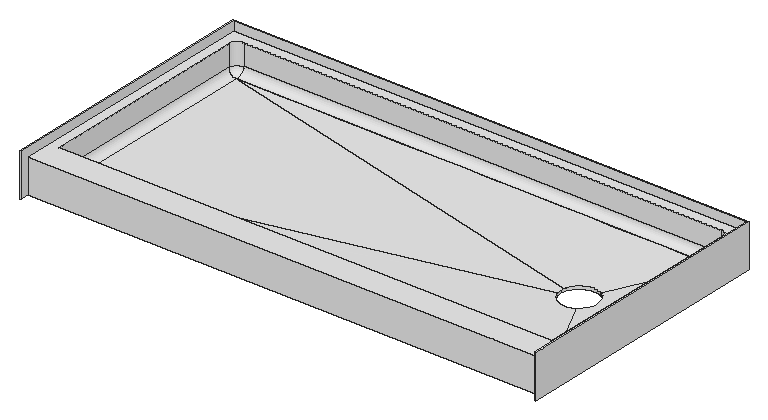
Revit family "P6030L-R", category Plumbing Fixtures, Revit 2017
Family settings
  Round Connector Dimension = Use Diameter
  Part Type = Normal
  OmniClass Number = 23.45.05.14.17
  OmniClass Title = Showers
  Work Plane-Based = No
  Always vertical = Yes
  Cut with Voids When Loaded = No
  Shared = No
  Room Calculation Point = No
Parameters (values of type "P6030")
  Unit Width = 60"
  Unit Height = 5"
  Unit Depth = 31"
  URL = "http://www.bestbath.com/"
  Type Comments = "Remodeler"
  Model = "P6030"
  Material [instance] = Best Bath Gelcoat Fiberglass - Smooth
  Manufacturer = "Best Bath Systems, Inc."
  Keynote = "22 40 00.B3"
  Description = "Shower Pan"
  Assembly Code = "D2010710"
Reference planes (in)
  plane 1 "Back": y = -0.5
  plane 2: z = 0
  plane 3 "Left": x = 0
  plane 4: x = 60
  plane 5: z = 4
  plane 6: z = 5
  plane 7: x = 51.5
  plane 8: y = 29.5
  plane 9: y = 15.5
  plane 10: x = 1.25
  plane 11: x = 58.75
  plane 12: y = 28.25
  plane 13: z = 0.625
  plane 14: z = 0.25
  plane 15: y = -1.5
Forms (in)
  Extrusion 1, solid, material "Best Bath Gelcoat Fiberglass - Smooth"
    sketch origin (0, 0, 0) x (1, 0, 0) y (0, 1, 0)
      loop
        line (0, -0.5) -> (1.25, -0.5) -> (1.25, 27.25)
        arc (1.25, 27.25) -> (1.54289, 27.95711) -> (2.25, 28.25) r 1
        line (2.25, 28.25) -> (57.75, 28.25)
        arc (57.75, 28.25) -> (58.45711, 27.95711) -> (58.75, 27.25) r 1
        line (58.75, 27.25) -> (58.75, -0.5) -> (60, -0.5) -> (60, 29.5) -> (0, 29.5) -> (0, -0.5)
    from 0 to 4
  Extrusion 2, solid, material "Best Bath Gelcoat Fiberglass - Smooth"
    sketch origin (0, 0, 0) x (1, 0, 0) y (0, 1, 0)
      loop
        line (0, -0.5) -> (60, -0.5) -> (60, 29.5) -> (0, 29.5) -> (0, -0.5)
      loop
        circle (51.5, 15.5) r 2.125
    from 0 to 0.625
  Sweep 3, solid, material "Best Bath Gelcoat Fiberglass - Smooth"
    path origin (0, 0, 0) x (1, 0, 0) y (0, 1, 0)
      loop
        line (58.75, -0.5) -> (58.75, 27.25)
        arc (58.75, 27.25) -> (58.45711, 27.95711) -> (57.75, 28.25) r 1
        line (57.75, 28.25) -> (2.25, 28.25)
        arc (2.25, 28.25) -> (1.54289, 27.95711) -> (1.25, 27.25) r 1
        line (1.25, 27.25) -> (1.25, -0.5)
    profile origin (1.25, 13.375, 0) x (1, 0, 0) y (0, 0, 1)
      loop
        line (0, 0.625) -> (0.9, 0.625)
        arc (0.9, 0.625) -> (0.2636, 0.8886) -> (0, 1.525) r 0.9
        line (0, 1.525) -> (0, 0.625)
  Blend 4, void
    base sketch origin (0, 0, 0) x (1, 0, 0) y (0, 1, 0)
      loop
        line (2.25, 3.5147) -> (57.75, 3.5147) -> (57.75, 27.25) -> (2.25, 27.25) -> (2.25, 3.5147)
    top sketch origin (0, 0, 0) x (1, 0, 0) y (0, 1, 0)
      loop
        circle (51.5, 15.5) r 0.10467
    from 0.625 to 0.25
  Sweep 5, solid, material "Best Bath Gelcoat Fiberglass - Smooth"
    path origin (0, 0, 0) x (1, 0, 0) y (0, 1, 0)
      loop
        line (1.25, -0.5) -> (58.75, -0.5)
    profile origin (30, -0.5, 0) x (0, 1, 0) y (0, 0, 1)
      loop
        line (0, 4) -> (0, 0) -> (4.11592, 0) -> (3.00305, 4) -> (0, 4)
  Extrusion 6, solid, material "Best Bath Gelcoat Fiberglass - Smooth"
    sketch origin (0, 0, 0) x (1, 0, 0) y (0, 1, 0)
      loop
        line (0, -1.5) -> (0.125, -1.5) -> (0.125, 29.375) -> (59.875, 29.375) -> (59.875, -1.5) -> (60, -1.5) -> (60, 29.5) -> (0, 29.5) -> (0, -1.5)
    from 0 to 5
Cuts and joins
  Blend 4 cuts Extrusion 1
  Blend 4 cuts Extrusion 2
  Blend 4 cuts Sweep 3
  joined: Extrusion 1, Extrusion 2, Sweep 3, Sweep 5, Extrusion 6
Dimensions and locks (in)
  "Unit Width": plane 3 "Left" to plane 4
  locked: plane 6 to plane 5 at 1
  "Unit Height": plane 6 to level
  plane 3 "Left" to plane 7 to plane 4 = 51 1/2", 8 1/2"
  locked: plane 8 to plane 12 at 1.25
  locked: plane 11 to plane 4 at 1.25
  locked: plane 3 "Left" to plane 10 at 1.25
  plane 8 to plane 9 = 14"
  locked: plane 13 to plane 14 at 0.375
  locked: plane 13 to level at 0.625
  locked: plane 15 to plane 1 "Back" at 1
  "Unit Depth": plane 8 to plane 15
  aligned and locked: level to plane 2
  aligned and locked: plane 9 to Extrusion 2 sketch curve
  aligned and locked: plane 7 to Extrusion 2 sketch curve
  aligned and locked: Sweep 3 to plane 13
  aligned and locked: Sweep 3 sketch curve to plane 13
  aligned and locked: Extrusion 2 to plane 13
  aligned and locked: plane 9 to Blend 4 sketch curve
  aligned and locked: plane 7 to Blend 4 sketch curve
  aligned and locked: Extrusion 2 to Blend 4
  aligned and locked: Blend 4 to plane 14
  aligned and locked: plane 5 to Extrusion 1
  aligned and locked: plane 5 to Sweep 5
  aligned and locked: plane 6 to Extrusion 6
Automatic sketch dimensions
  plane 1 "Back" to Extrusion 1 sketch curve = 0"  (x2)
  Extrusion 1 sketch curve to plane 3 "Left" = 0"
  Extrusion 1 sketch curve to plane 4 = 0"
  Extrusion 1 sketch curve to plane 8 = 0"
  Extrusion 1 sketch curve to plane 10 = 0"
  Extrusion 1 sketch curve to plane 12 = 0"
  Extrusion 1 sketch curve to plane 11 = 0"
  Extrusion 1 sketch curve to plane 12 = 1"
  plane 10 to Extrusion 1 sketch curve = 1"
  Extrusion 2 sketch curve to plane 4 = 0"
  Extrusion 2 sketch curve to plane 8 = 0"
  profile plane to Sweep 3 sketch curve = 0"
  Sweep 3 sketch curve to profile plane = 0.9"
  Extrusion 2 sketch curve to plane 3 "Left" = 0"
  plane 1 "Back" to Extrusion 2 sketch curve = 0"
  Sweep 3 sketch curve to plane 10 = 0"
  Sweep 3 sketch curve to plane 12 = 0"
  Sweep 3 sketch curve to plane 11 = 0"
  Sweep 3 sketch curve to plane 12 = 1"
  plane 1 "Back" to Sweep 3 sketch curve = 0"  (x2)
  plane 10 to Sweep 3 sketch curve = 1"
  plane 1 "Back" to Sweep 5 sketch curve = 0"
  Sweep 5 sketch curve to plane 10 = 0"
  Sweep 5 sketch curve to plane 11 = 0"
  Sweep 5 sketch curve to profile plane = 0"
  Sweep 5 sketch curve to level = 0"
  Sweep 5 sketch curve to profile plane = 3.00305"
  Sweep 5 sketch curve to profile plane = 4.11592"
  level to Sweep 5 sketch curve = 4"
  plane 10 to Blend 4 sketch curve = 1"
  Blend 4 sketch curve to plane 11 = 1"
  Blend 4 sketch curve to plane 1 "Back" = 4.0147"
  Blend 4 sketch curve to plane 12 = 1"
  Extrusion 6 sketch curve to plane 3 "Left" = 0"
  Extrusion 6 sketch curve to plane 15 = 0"  (x2)
  Extrusion 6 sketch curve to plane 4 = 0"
  Extrusion 6 sketch curve to plane 8 = 0"
  plane 3 "Left" to Extrusion 6 sketch curve = 1/8"
  plane 4 to Extrusion 6 sketch curve = 1/8"
  Extrusion 6 sketch curve to plane 8 = 1/8"
  radius of Extrusion 2 sketch curve = 2 1/8"
  radius of Blend 4 sketch curve = 0.10467"
